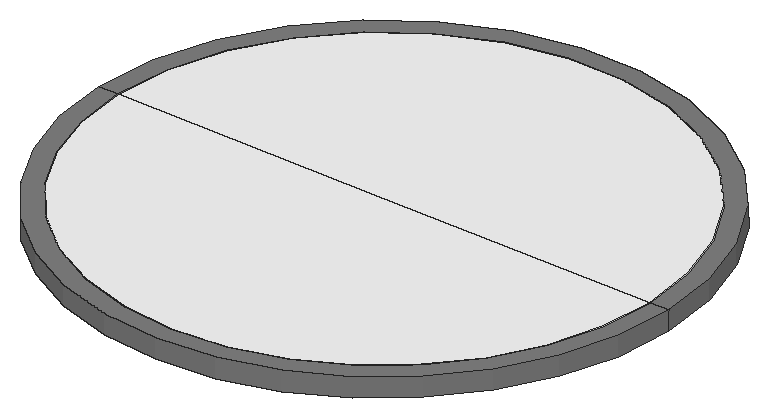
Revit family "Lighting_Ceiling-Mounted_XAL_TASK_round_surface_001_EN-DE", category Lighting Fixtures, host Face, Revit 2018
Family settings
  Host = Face
  Round Connector Dimension = Use Diameter
  Part Type = Normal
  Cut with Voids When Loaded = Yes
  Light Source = Yes
  Shared = No
  Room Calculation Point = Yes
Parameters (values of type "TASK 450 round surface DIRECT, black, 3000 K, 16 W, 059-01415#8P")
  Youtube clip = "https://youtu.be/a9xjMsXpOPU"
  Weight Net (Kg) = ""
  Weight = 3.80 kg
  Wattage = 9.2903 W
  built-in parameter 1150110 = 1 (stored number, unit not read)
  Variants = "059-0141518P: non DIM*, 059-0141538P: DIM DALI / CLO"
  Uniformat II Description = ""
  Uniformat II Code = ""
  Uniclass 2015 Name = "Lighting"
  Uniclass 2015 Code = "EF_70_80"
  Uniclass 2.0 Description = ""
  Uniclass 2.0 Code = ""
  Uniclass 1.4 Description = "General lighting"
  Uniclass 1.4 Code = "JV5"
  UNSPSC Code = "3911"
  built-in parameter 1114217 = 1 (stored number, unit not read)
  Tilt Angle = -90.00°
  Text Visibility [instance] = yes
  built-in parameter 1150109 = 1 (stored number, unit not read)
  built-in parameter 1150134 = 3
  Technical description = "https://www.xal.com/en/products/detailFilter/XAL-VOL18-4;product_line__name=TASK%2520round%2520surface"
  built-in parameter 1150113 = 1 (stored number, unit not read)
  Surface Color Light = XAL_DIFFUSE
  SPEC = "General: black\r\nPhysical: diameter 450 mm, height 45 mm, 3.8 kg\r\nOptical: Microprismatic, 14400 lm/m²\r\nLED: 3000 K\r\nElectrical: non DIM, 16 W"
  Region South America = "AR, BO, BR, CL, CO, EC, FK, GF, GY, PE, PY, SR, UY, VE"
  Region Oceania = "AS, AU, CK, FJ, FM, GU, KI, MH, MP, NC, NF, NR, NU, NZ, PF, PG, PN, PW, SB, TK, TL, TO, TV, UM, WF, WS, VU"
  Region North America = "BL, BM, BQ, BS, BZ, CR, GT, HN, KY, MF, MX, NI, PA, PM, SV, SX, TC"
  Region Middle East = "AE, BH, EG, IR, JO, KW, LB, OM, PS, QA, SA, TR"
  Region Europe = "AD, AL, AT, AX, BA, BE, BG, BY, CH, CY, CZ, DE, DK, EE, ES, FI, FO, FR, GB, GI, GR, HR, HU, IE, IM, IS, IT, JE, LI, LT, LU, LV, MC, MD, ME, MK, MT, NL, NO, PL, PT, RO, RS, RU, SE, SI, SJ, SK, SM, UA, VA"
  Region Asia = "AM, AZ, BD, BN, BT, CC, CN, CX, GE, HK, ID, IN, IO, JP, KG, KH, KP, KR, KZ, LA, LK, MM, MN, MO, MV, MY, NP, PH, PK, SG, TH, TJ, TM, TW, UZ, VN"
  Region Antarctica = "AQ, BV, GS, HM, TF"
  Region Africa = "AO, BF, BI, BJ, BW, CD, CF, CG, CI, CM, CV, DJ, DZ, EH, ER, ET, GA, GH, GM, GN, GQ, GW, KE, KM, LR, LS, LY, MA, MG, ML, MR, MU, MW, MZ, NA, NE, NG, RE, RW, SC, SD, SH, SL, SN, SO, SS, ST, SZ, TD, TG, TN, TZ, UG, YT, ZA, ZM, ZW"
  QR code = "http://bimobject.com/xal/product/TASK_round_surface"
  Product url = "https://www.xal.com/en/products/detailFilter/XAL-VOL18-4;product_line__name=TASK%2520round%2520surface"
  Product group = "Ceiling / Wall"
  Product family = "Lighting"
  Product data url = "https://bimobject.com/xal/product/TASK_round_surface"
  Product certification = ""
  Product SKU = "TASK_round_surface"
  Product Guid = "3c138048-1d70-41bb-9dd8-30922fe85e5d"
  Product Color Primary = XAL_JET_BLACK
  Product = "TASK 450 round surface DIRECT"
  Power = 16 W
  Photometric Web File = "XAL-MICROPRISMATIC_0D_F3EB.ies"
  OmniClass Description = "Lamps"
  OmniClass Code = "23-35 45 15"
  Nominal width = 0 mm
  Nominal height = 0 mm
  NBS Reference Description = ""
  NBS Reference Code = ""
  Material secondary = "Acrylic"
  Material main = "Aluminium"
  Masterformat 2014 Description = "Lighting"
  Masterformat 2014 Code = "26 50 00"
  Manufacturer name = "XAL"
  Manufacturer country = "Austria"
  built-in parameter 1150105 = 109.82 (stored number, unit not read)
  Lumens = 2010 lm
  built-in parameter 1150115 = 1 (stored number, unit not read)
  built-in parameter 1150137 = (empty or 0)
  built-in parameter 1150139 = (empty or 0)
  Length or Diameter = 600 mm
  built-in parameter 1150112 = 1 (stored number, unit not read)
  built-in parameter 1150114 = 1 (stored number, unit not read)
  Lamp = "LED"
  Installation instructions = "https://pim-api.xal.com/xalwebapi/v2/mountinginstructions/61ce022e-5023-424c-aceb-e8a23335bd73"
  built-in parameter 1150132 = 2
  built-in parameter 1150102 = (empty or 0)
  built-in parameter 1150107 = 3000 (stored number, unit not read)
  built-in parameter 1150138 = (empty or 0)
  built-in parameter 1150106 = 1.0982 (stored number, unit not read)
  IFC Classification = "Lamp"
  Height = 45 mm
  GTIN code = ""
  Emit from Diameter = 421 mm
  Emit from Circle Diameter = Emit from Diameter  # 421 mm
  Emit Shape Visible in Rendering = no
  built-in parameter 1150104 = 13.8 (stored number, unit not read)
  Edition number = 1
  Dimming Lamp Color Temperature Shift = <None>
  Diameter Power Supply = 358 mm
  Diameter = 450 mm
  Design country = "Austria"
  Default Elevation = 1219.2 mm
  Date of publishing = ""
  Cover = "Microprismatic"
  Control = "non DIM"
  Color Temperature = "3000 K"
  Color Filter = 16777215
  Color = "black"
  COBIe Type Category = ""
  Brand url = "http://www.xal.com/"
  built-in parameter 1114218 = 1 (stored number, unit not read)
  BIMobject main category code = "lighting"
  BIMobject main category = "Lighting"
  BIMobject category code = "lighting-ceiling-mounted"
  BIMobject category = "Ceiling Mounted"
  built-in parameter 1150133 = 10 (stored number, unit not read)
  Apparent Load = 0 VA
Types (20, lengths in mm): name | Weight | Variants | SPEC | Product Color Primary | Product | Power | Photometric Web File | Lumens | built-in parameter 1150107 | Height | Emit from Diameter | Emit from Circle Diameter | Diameter | Color Temperature | Color
  TASK 450 round surface DIRECT, black, 3000 K, 16 W, 059-01415#8P | 3.80 kg | "059-0141518P: non DIM*, 059-0141538P: DIM DALI / CLO" | "General: black\r\nPhysical: diameter 450 mm, height 45 mm, 3.8 kg\r\nOptical: Microprismatic, 14400 lm/m²\r\nLED: 3000 K\r\nElectrical: non DIM, 16 W" | XAL_JET_BLACK | "TASK 450 round surface DIRECT" | 16 W | "XAL-MICROPRISMATIC_0D_F3EB.ies" | 2010 lm | 3000 (stored number, unit not read) | 45 | 421 | 421 | 450 | "3000 K" | "black"
  ﻿TASK 450 round surface DIRECT, black, 3000 K, 23 W, 059-01515#8P | 3.80 kg | "059-0151518P: non DIM*, 059-0151538P: DIM DALI / CLO" | "General: black\r\nPhysical: diameter 450 mm, height 45 mm, 3.8 kg\r\nOptical: Microprismatic, 19500 lm/m²\r\nLED: 3000 K\r\nElectrical: non DIM, 23 W" | XAL_JET_BLACK | "TASK 450 round surface DIRECT" | 23 W | "XAL-MICROPRISMATIC_C4_E933.ies" | 2710 lm | 3000 (stored number, unit not read) | 45 | 421 | 421 | 450 | "3000 K" | "black"
  ﻿TASK 450 round surface DIRECT, black, 4000 K, 16 W, 059-01416#8P | 3.80 kg | "059-0141618P: non DIM*, 059-0141638P: DIM DALI / CLO" | "General: black\r\nPhysical: diameter 450 mm, height 45 mm, 3.8 kg\r\nOptical: Microprismatic, 15300 lm/m²\r\nLED: 4000 K\r\nElectrical: non DIM, 16 W" | XAL_JET_BLACK | "TASK 450 round surface DIRECT" | 16 W | "XAL-MICROPRISMATIC_0D_F3EB.ies" | 2130 lm | 4000 (stored number, unit not read) | 45 | 421 | 421 | 450 | "4000 K" | "black"
  ﻿TASK 450 round surface DIRECT, black, 4000 K, 23 W, 059-01516#8P | 3.80 kg | "059-0151618P: non DIM*, 059-0151638P: DIM DALI / CLO" | "General: black\r\nPhysical: diameter 450 mm, height 45 mm, 3.8 kg\r\nOptical: Microprismatic, 20600 lm/m²\r\nLED: 4000 K\r\nElectrical: non DIM, 23 W" | XAL_JET_BLACK | "TASK 450 round surface DIRECT" | 23 W | "XAL-MICROPRISMATIC_C4_E933.ies" | 2870 lm | 4000 (stored number, unit not read) | 45 | 421 | 421 | 450 | "4000 K" | "black"
  ﻿TASK 450 round surface DIRECT, white, 3000 K, 16 W, 059-01415#7P | 3.80 kg | "059-0141517P: non DIM*, 059-0141537P: DIM DALI / CLO" | "General: white\r\nPhysical: diameter 450 mm, height 45 mm, 3.8 kg\r\nOptical: Microprismatic, 14400 lm/m²\r\nLED: 3000 K\r\nElectrical: non DIM, 16 W" | XAL_PURE_WHITE | "TASK 450 round surface DIRECT" | 16 W | "XAL-MICROPRISMATIC_0D_F3EB.ies" | 2010 lm | 3000 (stored number, unit not read) | 45 | 421 | 421 | 450 | "3000 K" | "white"
  ﻿TASK 450 round surface DIRECT, white, 3000 K, 23 W, 059-01515#7P | 3.80 kg | "059-0151517P: non DIM*, 059-0151537P: DIM DALI / CLO" | "General: white\r\nPhysical: diameter 450 mm, height 45 mm, 3.8 kg\r\nOptical: Microprismatic, 19500 lm/m²\r\nLED: 3000 K\r\nElectrical: non DIM, 23 W" | XAL_PURE_WHITE | "TASK 450 round surface DIRECT" | 23 W | "XAL-MICROPRISMATIC_C4_E933.ies" | 2710 lm | 3000 (stored number, unit not read) | 45 | 421 | 421 | 450 | "3000 K" | "white"
  ﻿TASK 450 round surface DIRECT, white, 4000 K, 16 W, 059-01416#7P | 3.80 kg | "059-0141617P: non DIM*, 059-0141637P: DIM DALI / CLO" | "General: white\r\nPhysical: diameter 450 mm, height 45 mm, 3.8 kg\r\nOptical: Microprismatic, 15300 lm/m²\r\nLED: 4000 K\r\nElectrical: non DIM, 16 W" | XAL_PURE_WHITE | "TASK 450 round surface DIRECT" | 16 W | "XAL-MICROPRISMATIC_0D_F3EB.ies" | 2130 lm | 4000 (stored number, unit not read) | 45 | 421 | 421 | 450 | "4000 K" | "white"
  ﻿TASK 450 round surface DIRECT, white, 4000 K, 23 W, 059-01516#7P | 3.80 kg | "059-0151617P: non DIM*, 059-0151637P: DIM DALI / CLO" | "General: white\r\nPhysical: diameter 450 mm, height 45 mm, 3.8 kg\r\nOptical: Microprismatic, 20600 lm/m²\r\nLED: 4000 K\r\nElectrical: non DIM, 23 W" | XAL_PURE_WHITE | "TASK 450 round surface DIRECT" | 23 W | "XAL-MICROPRISMATIC_C4_E933.ies" | 2870 lm | 4000 (stored number, unit not read) | 45 | 421 | 421 | 450 | "4000 K" | "white"
  ﻿TASK 600 round surface DIRECT, black, 3000 K, 31 W, 059-01425#8P | 5.80 kg | "059-0142518P: non DIM*, 059-0142538P: DIM DALI / CLO" | "General: black\r\nPhysical: diameter 600 mm, height 45 mm, 5.8 kg\r\nOptical: Microprismatic, 15000 lm/m²\r\nLED: 3000 K\r\nElectrical: non DIM, 31 W" | XAL_JET_BLACK | "TASK 600 round surface DIRECT" | 31 W | "XAL-MICROPRISMATIC_5F_FDE5.ies" | 3840 lm | 3000 (stored number, unit not read) | 45 | 571 | 571 | 600 | "3000 K" | "black"
  ﻿TASK 600 round surface DIRECT, black, 3000 K, 41 W, 059-01525#8P | 5.80 kg | "059-0152518P: non DIM*, 059-0152538P: DIM DALI / CLO" | "General: black\r\nPhysical: diameter 600 mm, height 45 mm, 5.8 kg\r\nOptical: Microprismatic, 18700 lm/m²\r\nLED: 3000 K\r\nElectrical: non DIM, 41 W" | XAL_JET_BLACK | "TASK 600 round surface DIRECT" | 41 W | "XAL-MICROPRISMATIC_C6_1C63.ies" | 4790 lm | 3000 (stored number, unit not read) | 45 | 571 | 571 | 600 | "3000 K" | "black"
  ﻿TASK 600 round surface DIRECT, black, 4000 K, 31 W, 059-01426#8P | 5.80 kg | "059-0142618P: non DIM*, 059-0142638P: DIM DALI / CLO" | "General: black\r\nPhysical: diameter 600 mm, height 45 mm, 5.8 kg\r\nOptical: Microprismatic, 15900 lm/m²\r\nLED: 4000 K\r\nElectrical: non DIM, 31 W" | XAL_JET_BLACK | "TASK 600 round surface DIRECT" | 31 W | "XAL-MICROPRISMATIC_5F_FDE5.ies" | 4060 lm | 4000 (stored number, unit not read) | 45 | 571 | 571 | 600 | "4000 K" | "black"
  ﻿TASK 600 round surface DIRECT, black, 4000 K, 41 W, 059-01526#8P | 5.80 kg | "059-0152618P: non DIM*, 059-0152638P: DIM DALI / CLO" | "General: black\r\nPhysical: diameter 600 mm, height 45 mm, 5.8 kg\r\nOptical: Microprismatic, 19800 lm/m²\r\nLED: 4000 K\r\nElectrical: non DIM, 41 W" | XAL_JET_BLACK | "TASK 600 round surface DIRECT" | 41 W | "XAL-MICROPRISMATIC_C6_1C63.ies" | 5080 lm | 4000 (stored number, unit not read) | 45 | 571 | 571 | 600 | "4000 K" | "black"
  ﻿TASK 600 round surface DIRECT, white, 3000 K, 31 W, 059-01425#7P | 5.80 kg | "059-0142517P: non DIM*, 059-0142537P: DIM DALI / CLO" | "General: white\r\nPhysical: diameter 600 mm, height 45 mm, 5.8 kg\r\nOptical: Microprismatic, 15000 lm/m²\r\nLED: 3000 K\r\nElectrical: non DIM, 31 W" | XAL_PURE_WHITE | "TASK 600 round surface DIRECT" | 31 W | "XAL-MICROPRISMATIC_5F_FDE5.ies" | 3840 lm | 3000 (stored number, unit not read) | 45 | 571 | 571 | 600 | "3000 K" | "white"
  ﻿TASK 600 round surface DIRECT, white, 3000 K, 41 W, 059-01525#7P | 5.80 kg | "059-0152517P: non DIM*, 059-0152537P: DIM DALI / CLO" | "General: white\r\nPhysical: diameter 600 mm, height 45 mm, 5.8 kg\r\nOptical: Microprismatic, 18700 lm/m²\r\nLED: 3000 K\r\nElectrical: non DIM, 41 W" | XAL_PURE_WHITE | "TASK 600 round surface DIRECT" | 41 W | "XAL-MICROPRISMATIC_C6_1C63.ies" | 4790 lm | 3000 (stored number, unit not read) | 45 | 571 | 571 | 600 | "3000 K" | "white"
  ﻿TASK 600 round surface DIRECT, white, 4000 K, 31 W, 059-01426#7P | 5.80 kg | "059-0142617P: non DIM*, 059-0142637P: DIM DALI / CLO" | "General: white\r\nPhysical: diameter 600 mm, height 45 mm, 5.8 kg\r\nOptical: Microprismatic, 15900 lm/m²\r\nLED: 4000 K\r\nElectrical: non DIM, 31 W" | XAL_PURE_WHITE | "TASK 600 round surface DIRECT" | 31 W | "XAL-MICROPRISMATIC_5F_FDE5.ies" | 4060 lm | 4000 (stored number, unit not read) | 45 | 571 | 571 | 600 | "4000 K" | "white"
  ﻿TASK 600 round surface DIRECT, white, 4000 K, 41 W, 059-01526#7P | 5.80 kg | "059-0152617P: non DIM*, 059-0152637P: DIM DALI / CLO" | "General: white\r\nPhysical: diameter 600 mm, height 45 mm, 5.8 kg\r\nOptical: Microprismatic, 19800 lm/m²\r\nLED: 4000 K\r\nElectrical: non DIM, 41 W" | XAL_PURE_WHITE | "TASK 600 round surface DIRECT" | 41 W | "XAL-MICROPRISMATIC_C6_1C63.ies" | 5080 lm | 4000 (stored number, unit not read) | 45 | 571 | 571 | 600 | "4000 K" | "white"
  ﻿TASK 900 round surface DIRECT, black, 3000 K, 059-01435#8P | 13.00 kg | "059-0143518P: non DIM*, 059-0143538P: DIM DALI / CLO" | "General: black\r\nPhysical: diameter 900 mm, height 47 mm, 13 kg\r\nOptical: Microprismatic, 10300 lm/m²\r\nLED: 3000 K\r\nElectrical: non DIM, 50 W" | XAL_JET_BLACK | "TASK 900 round surface DIRECT" | 50 W | "XAL-MICROPRISMATIC_75_31B9.ies" | 6160 lm | 3000 (stored number, unit not read) | 47 | 871 | 871 | 900 | "3000 K" | "black"
  ﻿TASK 900 round surface DIRECT, black, 4000 K, 059-01436#8P | 14.00 kg | "059-0143618P: non DIM*, 059-0143638P: DIM DALI / CLO" | "General: black\r\nPhysical: diameter 900 mm, height 47 mm, 14 kg\r\nOptical: Microprismatic, 10900 lm/m²\r\nLED: 4000 K\r\nElectrical: non DIM, 50 W" | XAL_JET_BLACK | "TASK 900 round surface DIRECT" | 50 W | "XAL-MICROPRISMATIC_75_31B9.ies" | 6520 lm | 4000 (stored number, unit not read) | 47 | 871 | 871 | 900 | "4000 K" | "black"
  ﻿TASK 900 round surface DIRECT, white, 3000 K, 059-01435#7P | 14.00 kg | "059-0143517P: non DIM*, 059-0143537P: DIM DALI / CLO" | "General: white\r\nPhysical: diameter 900 mm, height 47 mm, 14 kg\r\nOptical: Microprismatic, 10300 lm/m²\r\nLED: 3000 K\r\nElectrical: non DIM, 50 W" | XAL_PURE_WHITE | "TASK 900 round surface DIRECT" | 50 W | "XAL-MICROPRISMATIC_75_31B9.ies" | 6160 lm | 3000 (stored number, unit not read) | 47 | 871 | 871 | 900 | "3000 K" | "white"
  ﻿TASK 900 round surface DIRECT, white, 4000 K, 059-01436#7P | 14.00 kg | "059-0143617P: non DIM*, 059-0143637P: DIM DALI / CLO" | "General: white\r\nPhysical: diameter 900 mm, height 47 mm, 14 kg\r\nOptical: Microprismatic, 10900 lm/m²\r\nLED: 4000 K\r\nElectrical: non DIM, 50 W" | XAL_PURE_WHITE | "TASK 900 round surface DIRECT" | 50 W | "XAL-MICROPRISMATIC_75_31B9.ies" | 6520 lm | 4000 (stored number, unit not read) | 47 | 871 | 871 | 900 | "4000 K" | "white"
Reference planes
  plane 1 "Center (Front/Back)": y = 0
  plane 2: z = 0
  plane 3 "Center (Left/Right)": x = 0
  plane 4: z = 1000
  plane 5: z = 43
  plane 6: z = 45
  plane 7: z = 30
  plane 8: z = 5
  plane 9: z = 32
  plane 10: x = -225
  plane 11: x = -210
  plane 12: x = -179
  plane 13: x = -152
  plane 14: x = 152
  plane 15: x = 179
  plane 16: x = 210
  plane 17: x = 225
Forms (mm)
  Revolve 1, solid, material "XAL_JET_BLACK" <- "Product Color Primary", detail levels medium+fine
    sketch origin (0, 0, 0) x (1, 0, 0) y (0, 0, 1)
      loop
        line (-210, 45) -> (-225, 45) -> (-225, 30) -> (0, 30) -> (0, 32) -> (-210, 32) -> (-210, 45)
      axis (0, 30) -> (0, 45)
    angle from 0 to 360
  Revolve 2, solid, material "XAL_DIFFUSE" <- "Surface Color Light", detail levels medium+fine
    sketch origin (0, 0, 0) x (1, 0, 0) y (0, 0, 1)
      loop
        line (-210, 45) -> (-210, 43) -> (0, 43) -> (0, 45) -> (-210, 45)
      axis (0, 43) -> (0, 45)
    angle from 0 to 360
  Blend 3, solid, material "XAL_JET_BLACK" <- "Product Color Primary", detail levels medium+fine
    base sketch origin (0, 0, 0) x (1, 0, 0) y (0, 1, 0)
      loop
        circle (0, 0) r 179
    top sketch origin (0, 0, 0) x (1, 0, 0) y (0, 1, 0)
      loop
        circle (0, 0) r 152
    from 30 to 5
  Extrusion 4, solid, material "XAL_JET_BLACK" <- "Product Color Primary", detail levels medium+fine
    sketch origin (0, 0, 0) x (1, 0, 0) y (0, 1, 0)
      loop
        circle (0, 0) r 152
    from 0 to 5
Lines and regions (mm)
  symbolic lines, detail levels coarse
    curve 1: line (-225, 0, 45) -> (-225, 0, 30)
    curve 2: line (-225, 0, 30) -> (-169.916, 0, 30)
    curve 3: line (-179, 0, 30) -> (-152, 0, 5)
    curve 4: line (-152, 0, 12.084) -> (-152, 0, 0)
    curve 5: line (-152, 0, 0) -> (152, 0, 0)
    curve 6: line (152, 0, 0) -> (152, 0, 16.916)
    curve 7: line (152, 0, 5) -> (179, 0, 30)
    curve 8: line (165.084, 0, 30) -> (225, 0, 30)
    curve 9: line (225, 0, 30) -> (225, 0, 45)
    curve 10: line (225, 0, 45) -> (-225, 0, 45)
Dimensions and locks
  locked: plane 4 to plane 2 at 1000
  locked: plane 8 to host face at 5
  locked: plane 6 to plane 7 at 15
  "Height": plane 6 to plane 2
  plane 7 to plane 8 = 25 mm
  locked: plane 6 to plane 5 at 2
  locked: plane 9 to plane 7 at 2
  equal spacing: plane 12, plane 3 "Center (Left/Right)", plane 15
  "Diameter Power Supply": plane 12 to plane 15
  locked: plane 12 to plane 13 at 27
  locked: plane 14 to plane 15 at 27
  equal spacing: plane 10, plane 3 "Center (Left/Right)", plane 17
  "Diameter": plane 10 to plane 17
  locked: plane 10 to plane 11 at 15
  plane 16 to plane 17 = 15 mm
  locked: nested 2 to plane 10 at 200
  aligned and locked: plane 2 to host face
  aligned and locked: level to host face
  aligned and locked: plane 3 "Center (Left/Right)" to imposter light
  aligned and locked: imposter light to plane 1 "Center (Front/Back)"
  aligned and locked: plane 6 to imposter light
  aligned and locked: Revolve 1 to plane 6
  aligned and locked: plane 7 to Blend 3
  aligned and locked: plane 10 to Revolve 1 sketch curve
  aligned and locked: Revolve 1 sketch curve to plane 11
  aligned and locked: plane 6 to Revolve 1 sketch curve
  aligned and locked: Revolve 1 sketch curve to plane 9
  aligned and locked: Revolve 1 sketch curve to plane 7
  aligned and locked: plane 3 "Center (Left/Right)" to Revolve 1 sketch curve
  aligned and locked: plane 11 to Revolve 2 sketch curve
  aligned and locked: plane 6 to Revolve 2 sketch curve
  aligned and locked: Revolve 2 sketch curve to plane 5
  aligned and locked: plane 3 "Center (Left/Right)" to Revolve 2 sketch curve
  aligned and locked: plane 10 to curve 1
  aligned and locked: plane 6 to curve 10
  aligned and locked: curve 2 to plane 7
  aligned and locked: plane 13 to curve 4
  aligned and locked: curve 5 to plane 2
  aligned and locked: curve 8 to plane 7
  aligned and locked: curve 6 to plane 14
  aligned and locked: curve 9 to plane 17
  aligned and locked: plane 1 "Center (Front/Back)" to nested 2
Automatic sketch dimensions
  host sketch curve to host sketch curve = 2438.4 mm  (x2)
  Revolve 1 sketch curve to plane 3 "Center (Left/Right)" = 0 mm
  plane 8 to Revolve 1 sketch curve = 5 mm
  plane 6 to Revolve 1 sketch curve = 45 mm
  Revolve 2 sketch curve to plane 3 "Center (Left/Right)" = 0 mm
  Revolve 2 sketch curve to plane 7 = 5 mm
  plane 6 to Revolve 2 sketch curve = 20 mm
  plane 1 "Center (Front/Back)" to Blend 3 sketch curve = 0 mm  (x2)
  Blend 3 sketch curve to plane 3 "Center (Left/Right)" = 0 mm  (x2)
  plane 1 "Center (Front/Back)" to Extrusion 4 sketch curve = 0 mm
  Extrusion 4 sketch curve to plane 3 "Center (Left/Right)" = 0 mm
  plane 12 to curve 3 = 0 mm
  plane 15 to curve 7 = 0 mm
  curve 3 to plane 8 = 0 mm
  curve 7 to plane 8 = 0 mm
  curve 2 to plane 12 = 9.084 mm
  curve 8 to plane 14 = 13.084 mm
  plane 8 to curve 4 = 7.084 mm
  curve 7 to curve 6 = 11.916 mm
  radius of Blend 3 sketch curve = 179 mm
  radius of Blend 3 sketch curve = 152 mm
  radius of Extrusion 4 sketch curve = 152 mm
Nested families
  nested 1: "TASK round surface Symbol" at (0, 0, 0), type "Circular Light Symbol", detail levels coarse
  nested 2: "Text Annotation" at (-425, 0, 0) x (0, -1, 0) z (0, 0, 1), visible <- "Text Visibility", type "Text Annotation"
Connectors
  electrical at (0, 0, 0), driven by "Apparent Load"
    settings: on host face, index 1, voltage 0 V, apparent load 0 VA, apparent load phase1 0 VA, apparent load phase2 0 VA, apparent load phase3 0 VA, power factor 1, load classification "Other", number of poles 1, system type 30, power factor state 1, is connector primary yes, connector utility no, sub classification motor no, connector description ""
Definition of nested family "TASK round surface Symbol"
  Parameters (values of type "Circular Light Symbol")
    Symbol Outer Diameter = 450 mm
    Symbol Inner Diameter = Symbol Outer Diameter * 0.9  # 405 mm
    Cross Width = Symbol Outer Diameter * 1.2  # 540 mm
    Cross Line Thickness = (Symbol Outer Diameter - Symbol Inner Diameter) / 2  # 22.5 mm
    Cross Length = Symbol Outer Diameter * 1.2  # 540 mm
  Reference planes
    plane 1 "Center (Front/Back)": y = 0
    plane 2: z = 0
    plane 3 "Center (Left/Right)": x = 0
    plane 4: x = -11.25
    plane 5: x = 11.25
    plane 6: y = 11.25
    plane 7: y = -11.25
    plane 8: y = 270
    plane 9: y = -270
    plane 10: x = -270
    plane 11: x = 270
  Lines and regions (mm)
    Filled region 1, type "XAL - Gelb", in view "Ref. Level"
      outline origin (0, 0, 0) x (1, 0, 0) y (0, 1, 0)
        loop
          circle (0, 0) r 225
        loop
          circle (0, 0) r 202.5
    Filled region 2, type "XAL - Gelb", in view "Ref. Level"
      outline origin (0, 0, 0) x (1, 0, 0) y (0, 1, 0)
        loop
          line (-11.25, 270) -> (-11.25, 11.25) -> (-270, 11.25) -> (-270, -11.25) -> (-11.25, -11.25) -> (-11.25, -270) -> (11.25, -270) -> (11.25, -11.25) -> (270, -11.25) -> (270, 11.25) -> (11.25, 11.25) -> (11.25, 270) -> (-11.25, 270)
  Dimensions and locks
    equal spacing: plane 4, plane 3 "Center (Left/Right)", plane 5
    "Cross Line Thickness": plane 4 to plane 5
    equal spacing: plane 6, plane 1 "Center (Front/Back)", plane 7
    "Cross Line Thickness": plane 6 to plane 7
    equal spacing: plane 9, plane 1 "Center (Front/Back)", plane 8
    "Cross Length": plane 9 to plane 8
    equal spacing: plane 10, plane 3 "Center (Left/Right)", plane 11
    "Cross Width": plane 10 to plane 11
    "Symbol Outer Diameter": diameter of Filled region 1 sketch curve
    "Symbol Inner Diameter": diameter of Filled region 1 sketch curve
  Automatic sketch dimensions
    plane 7 to Filled region 2 sketch curve = 0 mm  (x2)
    Filled region 2 sketch curve to plane 10 = 0 mm
    Filled region 2 sketch curve to plane 4 = 0 mm  (x2)
    Filled region 2 sketch curve to plane 5 = 0 mm  (x2)
    Filled region 2 sketch curve to plane 11 = 0 mm
    plane 9 to Filled region 2 sketch curve = 0 mm
    Filled region 2 sketch curve to plane 6 = 0 mm  (x2)
    plane 8 to Filled region 2 sketch curve = 0 mm
    Filled region 1 sketch curve to Filled region 1 sketch curve = 0 mm  (x2)
    plane 1 "Center (Front/Back)" to Filled region 1 sketch curve = 0 mm
    Filled region 1 sketch curve to plane 3 "Center (Left/Right)" = 0 mm
Definition of nested family "Text Annotation"
  Parameters (values of type "Text Annotation")
    TEXT = "TEXT"
  Reference planes
    plane 1: y = 0
    plane 2: x = 0
  Text (mm)
    label "TEXT" at (-0.206, -0.018, 0), shows "TEXT"
